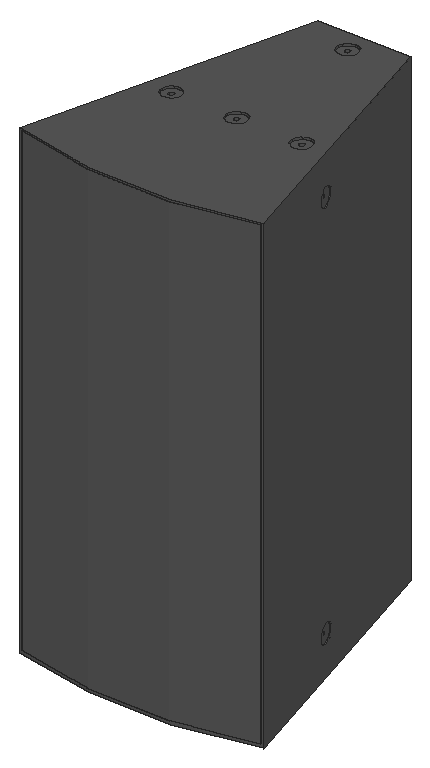
Revit family "1Electronics_Community-Point-Source_Biamp_Loudspeaker_IP6_1122WR", category Communication Devices, host Face, Revit 2020
Family settings
  Host = Face
  Maintain Annotation Orientation = No
  Round Connector Dimension = Use Diameter
  Part Type = Normal
  OmniClass Number = 23.85.10.11.14.14.14
  Cut with Voids When Loaded = No
  Shared = No
  Room Calculation Point = No
Parameters (values of type "Please download type catalogue!")
  Width = 1' - 2 1/2"  # constant formula
  Weight = 65.00 lbf  # constant formula
  URL = "https://www.biamp.com/"
  Transducers = "LF 1 x 12 (305mm) ferrite driver, 2.5 (64mm) voice coil, inherently\nweather resistant cone; HF 1 x 1.4 (36mm) exit, 3 (76mm) voice coil, hybrid titanium polyimide diaphragm, ferrite compression driver"  # constant formula
  Shipping Weight = 74.00 lbf  # constant formula
  Recommended Amplifiers = "LF - 500W - 1000W @ 8 ohms, (63V - 89V); HF - 75W - 150W @ 8 ohms (24V - 35V)"  # constant formula
  Product data url = "https://www.bimobject.com/biamp/product/ip6-1122wr_community-point-source"
  Product Page URL = "https://www.biamp.com/products/product-families/community/point-source#ip6-1122wr"
  Product Documentation Link = ""
  Operating Range = ""
  Operating Mode = "Passive or Biamp with DSP"  # constant formula
  Operating Environment = "Weather-Resistant Outdoor"  # constant formula
  Nominal Sensitivity = ""
  Nominal Maximum SPL (Whole Space) = ""
  Nominal Beamwidth (H x V) = ""
  Mounting Points = "15"  # constant formula
  Model = ""
  Manufacturer = "Biamp"  # constant formula
  Input Connection = "Sealed Gland Nut with 12ft (3.6m) 14 Ga. SJOW cable"  # constant formula
  Housing Material = Biamp - Plastic - Black
  Height = 2' - 4"  # constant formula
  Gril Material = Biamp - Plastic - Black(Grid)
  Equalized Sensitivity = "1W: 93 dB - 2.83V: 93 dB"  # constant formula
  Equalized Maximum SPL = "Peak: 127 dB - Continuous: 121 dB"  # constant formula
  Environmental = "IP55W per IEC 60529"  # constant formula
  Description = "IP6-1122WR Medium Power 12-Inch Two-Way Weather-Resistant Installation Loudspeaker"  # constant formula
  Depth = 1' - 5 179/256"  # constant formula
  Default Elevation = 4' - 0"
  Continuous Power Handling  Nominal Impedance = "LF - 63V, 500W @ 8 ohms (2000W peak); HF - 24V, 75W @ 8 ohms (300W peak)"  # constant formula
Reference planes (in)
  plane 1 "Center (Front/Back)": y = 0
  plane 2: z = 0
  plane 3 "Center (Left/Right)": x = 0
Forms (in)
  Extrusion 1, solid, material "Biamp - Plastic - Black" <- "Housing Material", detail levels medium+fine
    sketch origin (-0.18121, 0, 0) x (1, 0, 0) y (0, 1, 0)
      loop
        arc (-7.06879, -7.06265) -> (0.18121, -8.10667) -> (7.43121, -7.06265) r 25.69511
        line (7.43121, -7.06265) -> (2.85509, 9.59333) -> (-2.65672, 9.59333) -> (-7.06879, -7.06265)
    from 0 to 28
  Extrusion 2, void
    sketch origin (-0.18121, 0, 0) x (1, 0, 0) y (0, 1, 0)
      loop
        arc (-7.01523, -7.33232) -> (0.18386, -8.37188) -> (7.38581, -7.35238) r 25.69511
        line (7.38581, -7.35238) -> (7.23684, -6.81017)
        arc (7.23684, -6.81017) -> (0.18001, -7.80579) -> (-6.87674, -6.80951) r 25.49826
        line (-6.87674, -6.80951) -> (-7.01523, -7.33232)
    from 0.19685 to 27.90157
  Extrusion 3, void
    sketch origin (0, 0, 0) x (1, 0, 0) y (0, 1, 0)
      loop
        circle (-3.88574, 0) r 0.59055
      loop
        circle (0, 0) r 0.59055
      loop
        circle (3.88574, 0) r 0.59055
      loop
        circle (0, 8.26772) r 0.59055
    from 28 to 27.90157
  Extrusion 4, void
    sketch origin (0, 0, 0) x (1, 0, 0) y (0, 1, 0)
      loop
        circle (-3.88574, 0) r 0.15748
      loop
        circle (0, 0) r 0.15748
      loop
        circle (3.88574, 0) r 0.15748
      loop
        circle (0, 8.26772) r 0.15748
    from 28 to 27.80315
  Extrusion 5, void
    sketch origin (3.07658, 8.12763, -0.11969) x (-0.264926, 0.964269, 0) y (0, 0, -1)
      loop
        circle (-8.43473, -2.47439) r 0.59055
      loop
        circle (-8.43473, -25.76499) r 0.59055
    from 0 to 0.09843
  Extrusion 6, void
    sketch origin (3.07658, 8.12763, -0.11969) x (-0.264926, 0.964269, 0) y (0, 0, -1)
      loop
        circle (-8.43473, -2.47439) r 0.15748
      loop
        circle (-8.43473, -25.76499) r 0.15748
    from 0.09843 to 0.19685
  Extrusion 7, void
    sketch origin (-7.58128, -8.31325, -0.01138) x (-0.256063, -0.96666, 0) y (0, 0, -1)
      loop
        circle (-8.58908, -2.3454) r 0.59055
      loop
        circle (-8.58908, -25.67736) r 0.59055
    from 0 to 0.09843
  Extrusion 8, void
    sketch origin (-7.58128, -8.31325, -0.01138) x (-0.256063, -0.96666, 0) y (0, 0, -1)
      loop
        circle (-8.58908, -2.3454) r 0.15748
      loop
        circle (-8.58908, -25.67736) r 0.15748
    from 0.09843 to 0.19685
  Extrusion 9, solid, material "Biamp - Plastic - Black(Grid)" <- "Gril Material", detail levels medium+fine
    sketch origin (-0.18121, 0, 0) x (1, 0, 0) y (0, 1, 0)
      loop
        line (-6.87674, -6.80951) -> (-6.95275, -7.09648)
        arc (-6.95275, -7.09648) -> (0.18137, -8.10667) -> (7.31548, -7.09639) r 25.69511
        line (7.31548, -7.09639) -> (7.23684, -6.81017)
        arc (7.23684, -6.81017) -> (0.18001, -7.80579) -> (-6.87674, -6.80951) r 25.49826
    from 0.19685 to 27.90157
  Extrusion 10, void
    sketch origin (-2.65672, 9.59333, 0) x (-1, 0, 0) y (0, 0, -1)
      loop
        circle (-2.65672, -14.34419) r 0.59055
      loop
        circle (-2.65672, -25.60803) r 0.59055
      loop
        circle (-2.65672, -2.39197) r 0.59055
    from 0 to 0.09843
  Extrusion 11, void
    sketch origin (-2.65672, 9.59333, 0) x (-1, 0, 0) y (0, 0, -1)
      loop
        circle (-2.65672, -14.34419) r 0.15748
      loop
        circle (-2.65672, -25.60803) r 0.15748
      loop
        circle (-2.65672, -2.39197) r 0.15748
    from 0 to 0.19685
  Extrusion 12, void
    sketch origin (-2.83792, 9.59333, 0) x (-1, 0, 0) y (0, 0, -1)
      loop
        line (-4.83035, -12.09383) -> (-0.49964, -12.09383) -> (-0.49964, -5.00722) -> (-4.83035, -5.00722) -> (-4.83035, -12.09383)
    from 0 to 0.19685
  Extrusion 13, solid, material "Biamp - Plastic - Black" <- "Housing Material", detail levels medium+fine
    sketch origin (-2.65672, 9.59333, 0) x (1, 0, 0) y (0, 0, -1)
      loop
        line (0.49964, -12.09383) -> (4.83035, -12.09383) -> (4.83035, -5.00722) -> (0.49964, -5.00722) -> (0.49964, -12.09383)
    from 0 to -0.19685
  Extrusion 14, solid, material "Biamp - Plastic - Black" <- "Housing Material", detail levels coarse
    sketch origin (-0.18121, 0, 0) x (1, 0, 0) y (0, 1, 0)
      loop
        line (-2.65672, 9.59333) -> (-7.06879, -7.06265)
        arc (-7.06879, -7.06265) -> (0.18121, -8.10667) -> (7.43121, -7.06265) r 25.69511
        line (7.43121, -7.06265) -> (2.85509, 9.59333) -> (-2.65672, 9.59333)
    from 0 to 28
  Extrusion 15, solid, material "Biamp - Plastic - Black" <- "Housing Material", detail levels medium+fine
    sketch origin (-2.65672, 9.59333, 0) x (1, 0, 0) y (0, 0, -1)
      loop
        line (4.46661, -11.73413) -> (4.46661, -11.23413) -> (3.96661, -11.23413) -> (3.96661, -11.73413) -> (4.46661, -11.73413)
    from 0 to 0.00716
  Extrusion 16, solid, material "Biamp - Plastic - Black" <- "Housing Material", detail levels medium+fine
    sketch origin (-3.77108, 9.59333, -1) x (1, 0, 0) y (0, 0, -1)
      loop
        line (4.46661, -11.73413) -> (4.46661, -11.23413) -> (3.96661, -11.23413) -> (3.96661, -11.73413) -> (4.46661, -11.73413)
    from 0 to 0.00716
  Extrusion 17, solid, material "Biamp - Plastic - Black" <- "Housing Material", detail levels medium+fine
    sketch origin (-2.65672, 9.59333, -1) x (1, 0, 0) y (0, 0, -1)
      loop
        line (4.46661, -11.73413) -> (4.46661, -11.23413) -> (3.96661, -11.23413) -> (3.96661, -11.73413) -> (4.46661, -11.73413)
    from 0 to 0.00716
Cuts and joins
  Extrusion 2, Extrusion 3, Extrusion 4, Extrusion 5, Extrusion 6, Extrusion 7, Extrusion 8, Extrusion 10, Extrusion 11, Extrusion 12 cuts Extrusion 1
Lines and regions (in)
  Masking region 1
    outline origin (-0.18121, 0, 0) x (1, 0, 0) y (0, 1, 0)
      loop
        line (-2.65672, 9.59333) -> (-7.06879, -7.06265)
        arc (-7.06879, -7.06265) -> (0.18121, -8.10667) -> (7.43121, -7.06265) r 25.69511
        line (7.43121, -7.06265) -> (2.85509, 9.59333) -> (-2.65672, 9.59333)
  Masking region 2
    outline origin (0, 0, 0) x (1, 0, 0) y (0, 0, 1)
      loop
        line (-7.2255, 28) -> (-7.2255, 0) -> (7.58792, 0) -> (7.58792, 28) -> (-7.2255, 28)
  Masking region 3, detail levels medium+fine
    outline origin (0, 0, 0) x (1, 0, 0) y (0, 0, 1)
      loop
        line (-7.03679, 27.90157) -> (-7.03679, 0.19685) -> (7.39921, 0.19685) -> (7.39921, 27.90157) -> (-7.03679, 27.90157)
  Masking region 4
    outline origin (0, 0, 0) x (0, 1, 0) y (0, 0, 1)
      loop
        line (9.59333, 28) -> (-6.91199, 28) -> (-6.91199, 0) -> (9.59333, 0) -> (9.59333, 28)
  Masking region 5
    outline origin (0, 0, 0) x (0, 1, 0) y (0, 0, 1)
      loop
        line (-6.91199, 28) -> (-8.00264, 28) -> (-8.00264, 0) -> (-6.91199, 0) -> (-6.91199, 28)
  symbolic lines
    curve 1: line (7.39921, 0, 28) -> (-6.98068, 0, 28)
  symbolic lines, detail levels medium+fine
    curve 2: arc (-0.59055, 8.26772, 0) -> (0, 7.67717, 0) -> (0.59055, 8.26772, 0) r 0.59055
    curve 3: arc (0.59055, 8.26772, 0) -> (0, 8.85827, 0) -> (-0.59055, 8.26772, 0) r 0.59055
    curve 4: arc (-0.59055, 0, 0) -> (0, -0.59055, 0) -> (0.59055, 0, 0) r 0.59055
    curve 5: arc (0.59055, 0, 0) -> (0, 0.59055, 0) -> (-0.59055, 0, 0) r 0.59055
    curve 6: arc (-3.29519, 0, 0) -> (-3.88574, 0.59055, 0) -> (-4.47629, 0, 0) r 0.59055
    curve 7: arc (-4.47629, 0, 0) -> (-3.88574, -0.59055, 0) -> (-3.29519, 0, 0) r 0.59055
    curve 8: arc (3.29519, 0, 0) -> (3.88574, -0.59055, 0) -> (4.47629, 0, 0) r 0.59055
    curve 9: arc (4.47629, 0, 0) -> (3.88574, 0.59055, 0) -> (3.29519, 0, 0) r 0.59055
    curve 10: arc (-0.15748, 0, 0) -> (0, -0.15748, 0) -> (0.15748, 0, 0) r 0.15748
    curve 11: arc (0.15748, 0, 0) -> (0, 0.15748, 0) -> (-0.15748, 0, 0) r 0.15748
    curve 12: arc (-4.04322, 0, 0) -> (-3.88574, -0.15748, 0) -> (-3.72826, 0, 0) r 0.15748
    curve 13: arc (-3.72826, 0, 0) -> (-3.88574, 0.15748, 0) -> (-4.04322, 0, 0) r 0.15748
    curve 14: arc (4.04322, 0, 0) -> (3.88574, 0.15748, 0) -> (3.72826, 0, 0) r 0.15748
    curve 15: arc (3.72826, 0, 0) -> (3.88574, -0.15748, 0) -> (4.04322, 0, 0) r 0.15748
    curve 16: arc (0.15748, 8.26772, 0) -> (0, 8.4252, 0) -> (-0.15748, 8.26772, 0) r 0.15748
    curve 17: arc (-0.15748, 8.26772, 0) -> (0, 8.11024, 0) -> (0.15748, 8.26772, 0) r 0.15748
    curve 18: spline (0, -0.55086, 25.66598) -> (0, -0.53146, 25.51313) -> (0, -0.4746, 25.37071) -> (0, -0.38416, 25.2484) -> (0, -0.26628, 25.15455) -> (0, -0.12901, 25.09555) -> (0, 0.01829, 25.07543) -> (0, 0.1656, 25.09555) -> (0, 0.30287, 25.15455) -> (0, 0.42074, 25.2484) -> (0, 0.51119, 25.37071) -> (0, 0.56805, 25.51313) -> (0, 0.58744, 25.66598)
    curve 19: spline (0, 0.58744, 25.66598) -> (0, 0.56805, 25.81883) -> (0, 0.51119, 25.96126) -> (0, 0.42074, 26.08356) -> (0, 0.30287, 26.17741) -> (0, 0.1656, 26.23641) -> (0, 0.01829, 26.25653) -> (0, -0.12901, 26.23641) -> (0, -0.26628, 26.17741) -> (0, -0.38416, 26.08356) -> (0, -0.4746, 25.96126) -> (0, -0.53146, 25.81883) -> (0, -0.55086, 25.66598)
    curve 20: spline (0, 0.14381, 25.66598) -> (0, 0.13864, 25.70674) -> (0, 0.12347, 25.74472) -> (0, 0.09936, 25.77734) -> (0, 0.06792, 25.80236) -> (0, 0.03132, 25.81809) -> (0, -0.00796, 25.82346) -> (0, -0.04725, 25.81809) -> (0, -0.08385, 25.80236) -> (0, -0.11528, 25.77734) -> (0, -0.1394, 25.74472) -> (0, -0.15457, 25.70674) -> (0, -0.15974, 25.66598)
    curve 21: spline (0, -0.15974, 25.66598) -> (0, -0.15457, 25.62522) -> (0, -0.1394, 25.58724) -> (0, -0.11528, 25.55463) -> (0, -0.08385, 25.5296) -> (0, -0.04725, 25.51387) -> (0, -0.00796, 25.5085) -> (0, 0.03132, 25.51387) -> (0, 0.06792, 25.5296) -> (0, 0.09936, 25.55463) -> (0, 0.12347, 25.58724) -> (0, 0.13864, 25.62522) -> (0, 0.14381, 25.66598)
    curve 22: spline (0, -0.55086, 2.33402) -> (0, -0.53146, 2.48687) -> (0, -0.4746, 2.62929) -> (0, -0.38416, 2.7516) -> (0, -0.26628, 2.84545) -> (0, -0.12901, 2.90445) -> (0, 0.01829, 2.92457) -> (0, 0.1656, 2.90445) -> (0, 0.30287, 2.84545) -> (0, 0.42074, 2.7516) -> (0, 0.51119, 2.62929) -> (0, 0.56805, 2.48687) -> (0, 0.58744, 2.33402)
    curve 23: spline (0, 0.58744, 2.33402) -> (0, 0.56805, 2.18117) -> (0, 0.51119, 2.03874) -> (0, 0.42074, 1.91644) -> (0, 0.30287, 1.82259) -> (0, 0.1656, 1.76359) -> (0, 0.01829, 1.74347) -> (0, -0.12901, 1.76359) -> (0, -0.26628, 1.82259) -> (0, -0.38416, 1.91644) -> (0, -0.4746, 2.03874) -> (0, -0.53146, 2.18117) -> (0, -0.55086, 2.33402)
    curve 24: spline (0, 0.14381, 2.33402) -> (0, 0.13864, 2.29326) -> (0, 0.12347, 2.25528) -> (0, 0.09936, 2.22266) -> (0, 0.06792, 2.19764) -> (0, 0.03132, 2.18191) -> (0, -0.00796, 2.17654) -> (0, -0.04725, 2.18191) -> (0, -0.08385, 2.19764) -> (0, -0.11528, 2.22266) -> (0, -0.1394, 2.25528) -> (0, -0.15457, 2.29326) -> (0, -0.15974, 2.33402)
    curve 25: spline (0, -0.15974, 2.33402) -> (0, -0.15457, 2.37478) -> (0, -0.1394, 2.41276) -> (0, -0.11528, 2.44537) -> (0, -0.08385, 2.4704) -> (0, -0.04725, 2.48613) -> (0, -0.00796, 2.4915) -> (0, 0.03132, 2.48613) -> (0, 0.06792, 2.4704) -> (0, 0.09936, 2.44537) -> (0, 0.12347, 2.41276) -> (0, 0.13864, 2.37478) -> (0, 0.14381, 2.33402)
Dimensions and locks (in)
  aligned and locked: plane 2 to host face
  aligned and locked: level to host face
Connectors (in)
  electrical at (1.55989, 9.60048, 11.48413)
    settings: on Extrusion 15, index 1, voltage 69 V, apparent load 0 VA, apparent load phase1 2400 VA, apparent load phase2 0 VA, apparent load phase3 0 VA, power factor 1, load classification "Other", number of poles 1, system type 5, power factor state 1, is connector primary yes, connector utility no, sub classification motor no, connector description "Screw terminal blocks; Passive input"
  electrical at (0.44553, 9.60048, 10.48413)
    settings: on Extrusion 16, index 2, voltage 0 V, apparent load 0 VA, apparent load phase1 0 VA, apparent load phase2 0 VA, apparent load phase3 0 VA, power factor 1, load classification "Other", number of poles 1, system type 5, power factor state 1, is connector primary no, connector utility no, sub classification motor no, connector description "Screw terminal blocks; Biamp input"
  electrical at (1.55989, 9.60048, 10.48413)
    settings: on Extrusion 17, index 3, voltage 69 V, apparent load 0 VA, apparent load phase1 2400 VA, apparent load phase2 0 VA, apparent load phase3 0 VA, power factor 1, load classification "Other", number of poles 1, system type 5, power factor state 1, is connector primary no, connector utility no, sub classification motor no, connector description "Screw terminal blocks; Passive thru"
